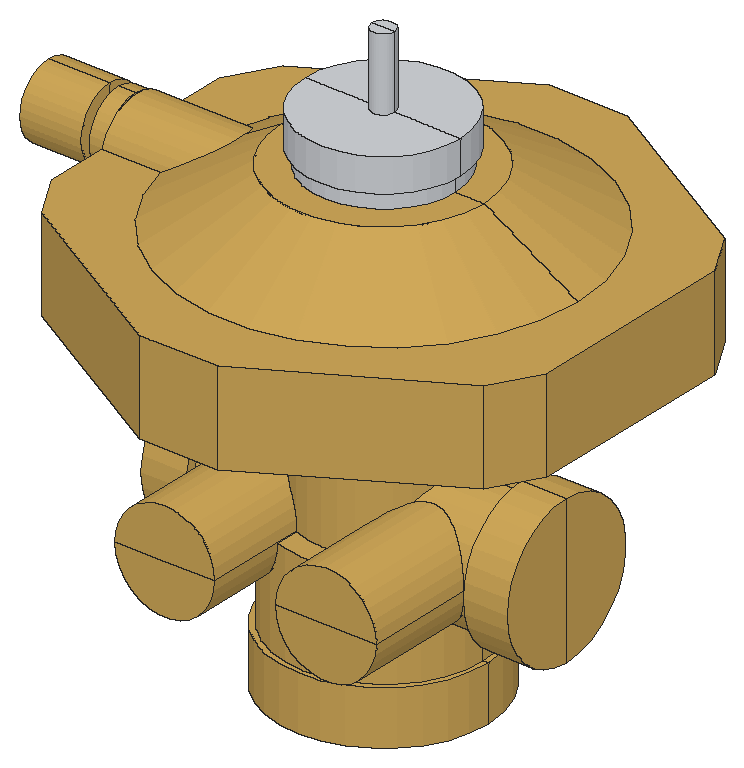
Revit family "Differenzdruckregler 4002 FIX TS 50kPa", category Rohrzubehör, Revit 2019
Family settings
  Bemaßung runder Anschluss = Durchmesser verwenden
  Teiletyp = Unterbricht
  OmniClass-Nummer = 23.65.55.14
  OmniClass-Titel = Valves for Liquid Services
  Arbeitsebenenbasiert = Nein
  Immer vertikal = Ja
  Beim Laden mit Abzugskörper schneiden = Nein
  Gemeinsam genutzt = Nein
Parameters (values of type "Ohne Dämmung")
  y2 [instance] = K14 + K9 + H01  # 45.649 mm
  y1 [instance] = (R03 * 2) + R05  # 66.000 mm
  k25 = 9.000 mm  # constant formula
  k24 = 13.000 mm  # constant formula
  k23 = 6.000 mm  # constant formula
  k22 = 22.000 mm  # constant formula
  k21 = 13.000 mm  # constant formula
  k20 = 14.000 mm  # constant formula
  k19 = 2.000 mm  # constant formula
  PN = 16  # constant formula
  Min. Betriebstemperatur (Frostschutz) = -20 °C  # constant formula
  Max. zulässige Betriebstemperatur bis DN32 = 130 °C  # constant formula
  Max. zulässige Betriebstemperatur DN40 - DN50 = 110 °C  # constant formula
  Max. Differenzdruck am Gehäuse = 400000.0 Pa  # constant formula
  Max. Betriebsdruck = 1600000.0 Pa  # constant formula
  Ventilschaft = "Edelstahl 14301"  # constant formula
  VRL01 [instance] = 30.000 mm  # constant formula
  V12 = 17.000 mm  # constant formula
  V10 = 16.000 mm  # constant formula
  V09 [instance] = 11.000 mm  # constant formula
  V08 [instance] = G01 + 3.000 mm  # 16.220 mm
  V03 [instance] = G01 + 5.000 mm  # 18.220 mm
  V02 [instance] = V01 + 4.500 mm  # 12.000 mm
  V01 [instance] = Nennweite / 2  # 7.500 mm
  URL = "www.herz-armaturen.at"
  SCRNSEQ = "ARM;ARM_TYP=\"DIFR\";2"
  SCRNCODE = "05;03;4"  # constant formula
  S07 = 10.000 mm  # constant formula
  S05 [instance] = S01 - 1.000 mm  # 13.850 mm
  S04 [instance] = S02 - 1.000 mm  # 18.000 mm
  S03 [instance] = size_lookup("4002_FIX_TS_50", "S03", 26.500 mm, Nennweite)  # 25.600 mm
  S02 [instance] = size_lookup("4002_FIX_TS_50", "S02", 19.000 mm, Nennweite)  # 19.000 mm
  S01 [instance] = size_lookup("4002_FIX_TS_50", "S01", 14.850 mm, Nennweite)  # 14.850 mm
  Regleranschlussmutter = "Messing CW614N"  # constant formula
  Regelbereich = "FIX 50kPa"  # constant formula
  R06 [instance] = size_lookup("4002_FIX_TS_50", "R06", 14.500 mm, Nennweite)  # 14.500 mm
  R05 [instance] = size_lookup("4002_FIX_TS_50", "R05", 41.000 mm, Nennweite)  # 50.000 mm
  R04 [instance] = size_lookup("4002_FIX_TS_50", "R04", 12.500 mm, Nennweite)  # 12.500 mm
  R03 [instance] = size_lookup("4002_FIX_TS_50", "R03", 8.000 mm, Nennweite)  # 8.000 mm
  R02 = 14.500 mm  # constant formula
  R01 [instance] = size_lookup("4002_FIX_TS_50", "R01", 11.500 mm, Nennweite)  # 11.500 mm
  Min. Betriebstemperatur (reines Wasser) = 2 °C  # constant formula
  O-Ringe = "EPDM"  # constant formula
  Nennweite [instance] = 15.000 mm
  Membrangehäuse = "Messing CW602N"  # constant formula
  Membrane = "EPDM"  # constant formula
  Medium = "Wasserbeschaffenheit nach ÖNORM H 5195 und VDI 2035\r\nDie Verwendung von Ethylen- und Propylenglykol ist im\r\nMischungsverhältnis 25 - 50 Vol.-% zulässig."
  L07 [instance] = size_lookup("4002_FIX_TS_50", "L07", 33.000 mm, Nennweite)  # 33.000 mm
  L06 = 7.000 mm  # constant formula
  L [instance] = size_lookup("4002_FIX_TS_50", "L", 66.000 mm, Nennweite)  # 66.000 mm
  K9 = 4.000 mm  # constant formula
  K8 = 55.000 mm  # constant formula
  K7 = 8.700 mm  # constant formula
  K6 = 11.700 mm  # constant formula
  K5 = 13.000 mm  # constant formula
  K4 = 12.000 mm  # constant formula
  K3 = 15.000 mm  # constant formula
  K2 = 2.350 mm  # constant formula
  K18 = 89.000 mm  # constant formula
  K17 = 66.700 mm  # constant formula
  K16 = 3.000 mm  # constant formula
  K15 = 26.649 mm  # constant formula
  K14 = 16.649 mm  # constant formula
  K13 = 16.649 mm  # constant formula
  K12 = 10.000 mm  # constant formula
  K11 = 35.000 mm  # constant formula
  K10 = 18.250 mm  # constant formula
  K1.1 = 2.350 mm  # constant formula
  K1 = 7.651 mm - 1.000 mm  # 6.651 mm
  J9 = 15.700 mm  # constant formula
  J8 = 7.850 mm  # constant formula
  J7 = 15.897 mm  # constant formula
  J6 = 3.900 mm  # constant formula
  J5 = 6.500 mm  # constant formula
  J4 = 1.500 mm  # constant formula
  J3 = 3.200 mm  # constant formula
  J2 = 11.000 mm  # constant formula
  J11 = 3.500 mm  # constant formula
  J10 = 18.897 mm  # constant formula
  J1 = 6.500 mm  # constant formula
  Hersteller = "HERZ-Armaturen Ges.m.b.H"  # constant formula
  H2 [instance] = size_lookup("4002_FIX_TS_50", "H2", 28.000 mm, Nennweite)  # 28.000 mm
  H1 [instance] = K1 + K2 + K3 + K4 + K5 + K7 + K8 + K16 + 16.650 mm  # 132.351 mm
  H04 = 4.000 mm  # constant formula
  H03 = 9.800 mm  # constant formula
  H02 [instance] = size_lookup("4002_FIX_TS_50", "H02", 53.000 mm, Nennweite)  # 53.000 mm
  H01 [instance] = size_lookup("4002_FIX_TS_50", "H01", 25.000 mm, Nennweite)  # 25.000 mm
  Gehäuse = "DZR Messing CC770S"  # constant formula
  G01 [instance] = size_lookup("4002_FIX_TS_50", "G01", 13.220 mm, Nennweite)  # 13.220 mm
  Hinweise zum Material = "Gemäß Art 33 der REACH-Verordnung (EG Nr. 1907/2006) sind wir verpflichtet, darauf hinzuweisen,\r\ndass der Stoff Blei auf der SVHC-Liste geführt wird und dass alle aus Messing bestehenden Bauteile,\r\ndie in unseren Erzeugnissen verarbeitet sind, mehr als 0,1 % (w/w) Blei (CAS: 7439-92-1 / EINECS:\r\n231-100-4) enthalten. Da Blei als Legierungsbestandteil fest gebunden ist, sind keine Expositionen zu\r\nerwarten und daher sind keine zusätzlichen Angaben zur sicheren Verwendung notwendig.\r\n\r\nIm Hanf enthaltenes Ammoniak schädigt\r\nMessingventilgehäuse, EPDM Dichtungen werden durch\r\nMineralöle bzw. mineralölhaltige Schmierstoffe aufgequollen\r\nund führen somit zum Ausfall der EPDM-Dichtungen. Für\r\nFrost- und Korrosionsschutzmittel auf der Basis von Ethylen- und Propylenglykol sind die entsprechenden\r\nAngaben den Unterlagen des Herstellers zu entnehmen."
  Dämmung = no
  Dämmschale = "EPP (expandiertes Polypropylen)"  # constant formula
  Druckfeder = "Federstahl, rost-und säurebeständig"  # constant formula
  DN50 [instance] = Nennweite = 50.000 mm  # no
  DN40 [instance] = Nennweite = 40.000 mm  # no
  DN32-40 [instance] = or(Nennweite = 32.000 mm, Nennweite = 40.000 mm)  # no
  DN32 [instance] = Nennweite = 32.000 mm  # no
  DN25 [instance] = Nennweite = 25.000 mm  # no
  DN20 [instance] = Nennweite = 20.000 mm  # no
  DN15-25 [instance] = or(Nennweite = 15.000 mm, Nennweite = 20.000 mm, Nennweite = 25.000 mm)  # yes
  DN15,20,25,32,50 [instance] = or(Nennweite = 15.000 mm, Nennweite = 20.000 mm, Nennweite = 25.000 mm, Nennweite = 32.000 mm, Nennweite = 50.000 mm)  # yes
  DN15 [instance] = Nennweite = 15.000 mm  # yes
  D07 [instance] = if(Nennweite = 15.000 mm, 32.000 mm, if(Nennweite = 20.000 mm, 33.000 mm, if(Nennweite = 25.000 mm, 33.000 mm, if(Nennweite = 32.000 mm, 49.000 mm, if(Nennweite = 40.000 mm, 57.560 mm, if(Nennweite = 50.000 mm, 57.560 mm, 0.000 mm))))))  # 32.000 mm
  D06 [instance] = if(Nennweite = 15.000 mm, 32.000 mm, if(Nennweite = 20.000 mm, 33.000 mm, if(Nennweite = 25.000 mm, 33.000 mm, if(Nennweite = 32.000 mm, 49.000 mm, if(Nennweite = 40.000 mm, 57.560 mm, if(Nennweite = 50.000 mm, 57.560 mm, 0.000 mm))))))  # 32.000 mm
  D05 [instance] = if(Nennweite = 15.000 mm, 36.750 mm, if(Nennweite = 20.000 mm, 40.700 mm, if(Nennweite = 25.000 mm, 49.200 mm, if(Nennweite = 32.000 mm, 54.150 mm, if(Nennweite = 40.000 mm, 60.750 mm, if(Nennweite = 50.000 mm, 72.700 mm, 0.000 mm))))))  # 36.750 mm
  D04 [instance] = if(Nennweite = 15.000 mm, 78.500 mm, if(Nennweite = 20.000 mm, 82.000 mm, if(Nennweite = 25.000 mm, 84.000 mm, if(Nennweite = 32.000 mm, 120.000 mm, if(Nennweite = 40.000 mm, 130.000 mm, if(Nennweite = 50.000 mm, 130.500 mm, 0.000 mm))))))  # 78.500 mm
  D03 [instance] = if(Nennweite = 15.000 mm, 96.000 mm, if(Nennweite = 20.000 mm, 110.000 mm, if(Nennweite = 25.000 mm, 112.000 mm, if(Nennweite = 32.000 mm, 152.000 mm, if(Nennweite = 40.000 mm, 170.000 mm, if(Nennweite = 50.000 mm, 179.000 mm, 0.000 mm))))))  # 96.000 mm
  D02 [instance] = size_lookup("4002_FIX_TS_50", "R05", 41.000 mm, Nennweite)  # 50.000 mm
  D01 [instance] = size_lookup("4002_FIX_TS_50", "G01", 13.220 mm, Nennweite)  # 13.220 mm
  Bestellnummer Dämmung [instance] = if(and(Dämmung, Nennweite = 15.000 mm), 1400291, if(and(Dämmung, Nennweite = 20.000 mm), 1400291, if(and(Dämmung, Nennweite = 25.000 mm), 1400291, if(and(Dämmung, Nennweite = 32.000 mm), 1400291, if(and(Dämmung, Nennweite = 40.000 mm), 1400291, if(and(Dämmung, Nennweite = 50.000 mm), 1400291, 0))))))  # 0
  Bestellnummer [instance] = size_lookup("4002_FIX_TS_50", "Artnr", 0, Nennweite)  # 1400291
  B2 [instance] = size_lookup("4002_FIX_TS_50", "B2", 31.000 mm, Nennweite)  # 31.000 mm
  B1 [instance] = size_lookup("4002_FIX_TS_50", "B1", 26.000 mm, Nennweite)  # 26.000 mm
  B04 = 100.649 mm  # constant formula
  B03 = 44.500 mm  # constant formula
  B02 = 104.688 mm  # constant formula
  B01 = 10.000 mm  # constant formula
  Anwendungsgebiet = "Der Differenzdruckregler ist ein Regler mit linearer Kennlinie in Geradsitzausführung und arbeitet ohne Hilfsenergie. Der Differenzdruck-Sollwert beträgt 23 kPa, 50 kPa bzw 13 kPa. Im Lieferumfang enthalten ist die Impulsleitung (1000 mm), diese ist mit einem Strangregulierventil im Vorlauf zu verbinden."
  Anschlussnippel = "Messing CW602N"  # constant formula
  Anschlussgewinde für Antrieb = "Messing CW602N"  # constant formula
Types (2, lengths in mm): name | y2 | y1 | V08 | V03 | V02 | V01 | S03 | R05 | R04 | R03 | R01 | Nennweite | L07 | L | H2 | H02 | H01 | G01 | Dämmung | DN25 | DN15 | D07 | D06 | D05 | D04 | D03 | D02 | D01 | Bestellnummer Dämmung | Bestellnummer | B2 | B1
  Ohne Dämmung | 45.649 | 66.000 | 16.220 | 18.220 | 12.000 | 7.500 | 25.600 | 50.000 | 12.500 | 8.000 | 11.500 | 15.000 | 33.000 | 66.000 | 28.000 | 53.000 | 25.000 | 13.220 | no | no | yes | 32.000 | 32.000 | 36.750 | 78.500 | 96.000 | 50.000 | 13.220 | 0 | 1400291 | 31.000 | 26.000
  Mit Dämmung | 46.649 | 76.000 | 23.600 | 25.600 | 17.000 | 12.500 | 29.000 | 58.200 | 14.500 | 8.900 | 14.800 | 25.000 | 38.000 | 76.000 | 29.000 | 54.500 | 26.000 | 20.600 | yes | yes | no | 33.000 | 33.000 | 49.200 | 84.000 | 112.000 | 58.200 | 20.600 | 1400291 | 1400293 | 33.000 | 28.000
Reference planes
  plane 1 "Mitte (Vorne/hinten)": y = 0
  plane 2: z = 0
  plane 3 "Mitte (Links/rechts)": x = 0
Forms (mm)
  Revolve 1, solid, material "Messing, weicher Gelbton, geschweißt", detail levels fine
    sketch origin (0, 0, 0) x (1, 0, 0) y (0, 0, 1)
      loop
        line (-33, 0) -> (33, 0) -> (33, 13.22) -> (25, 13.22) -> (25, 11.5) -> (-25, 11.5) -> (-25, 13.22) -> (-33, 13.22) -> (-33, 0)
      axis (-33, 0) -> (33, 0)
    angle from 0 to 360
  Revolve 2, solid, material "Messing, weicher Gelbton, geschweißt", detail levels fine
    sketch origin (0, 0, 0) x (1, 0, 0) y (0, 0, 1)
      loop
        line (0, -28) -> (0, 0) -> (-18, 0) -> (-18, -18.2) -> (-19, -18.2) -> (-19, -28) -> (0, -28)
      axis (0, 0) -> (0, -28)
    angle from 0 to 360
  Extrusion 3, solid, material "Messing, weicher Gelbton, geschweißt", detail levels fine
    sketch origin (0, 0, 0) x (0, -1, 0) y (1, 0, 0)
      loop
        line (-46, -7.038) -> (-27.114, -39.75) -> (-18.886, -44.5) -> (18.886, -44.5) -> (27.114, -39.75) -> (46, -7.038) -> (46, 7.038) -> (27.114, 39.75) -> (18.886, 44.5) -> (-18.886, 44.5) -> (-27.114, 39.75) -> (-46, 7.038) -> (-46, -7.038)
    from 29 to 45.649
  Revolve 4, solid, material "Messing, weicher Gelbton, geschweißt", detail levels fine
    sketch origin (0, 0, -7.051) x (1, 0, 0) y (0, 0, 1)
      loop
        line (0, 52.7) -> (0, 62.7) -> (-18.25, 62.7) -> (-35, 52.7) -> (0, 52.7)
      axis (0, 62.7) -> (0, 52.7)
    angle from 0 to 360
  Revolve 5, solid, material "Messing, weicher Gelbton, geschweißt", visible <- "DN15-25", detail levels fine
    sketch origin (-11, 0, 0) x (1, 0, 0) y (0, 1, 0)
      loop
        line (-1.5, 26) -> (-9.2, 26) -> (-9.2, 0) -> (-1.5, 0) -> (-1.5, 26)
      axis (-1.5, 0) -> (-1.5, 26)
    angle from 0 to 360
  Revolve 6, solid, material "Messing, weicher Gelbton, geschweißt", detail levels fine
    sketch origin (-0.988, 0, -6.853) x (-1, 0, 0) y (0, 0, 1)
      loop
        line (43.5, 51.75) -> (59.2, 51.75) -> (59.2, 58.25) -> (48.2, 58.25) -> (48.2, 55.65) -> (46.7, 55.65) -> (46.7, 58.25) -> (43.5, 58.25) -> (43.5, 51.75)
      axis (43.5, 51.75) -> (59.2, 51.75)
    angle from 0 to 360
  Extrusion 7, solid, material "Messing, weicher Gelbton, geschweißt", detail levels fine
    sketch origin (0, 0, 0) x (0, 1, 0) y (0, 0, -1)
      loop
        line (7.85, -43.547) -> (7.85, -32.5) -> (-7.85, -32.5) -> (-7.85, -43.547)
        arc (-7.85, -43.547) -> (0, -51.397) -> (7.85, -43.547) r 7.85
    from 0 to 44.5
  Revolve 8, solid, material "Messing, weicher Gelbton, geschweißt", visible <- "DN15-25", detail levels fine
    sketch origin (-2, 0, 0) x (1, 0, 0) y (0, 1, 0)
      loop
        line (-12.5, 0) -> (-21.5, 0) -> (-21.5, -31) -> (-12.5, -31) -> (-12.5, 0)
      axis (-12.5, 0) -> (-12.5, -31)
    angle from 0 to 360
  Revolve 9, solid, material "Messing, weicher Gelbton, geschweißt", visible <- "DN15-25", detail levels fine
    sketch origin (2, 0, 0) x (1, 0, 0) y (0, 1, 0)
      loop
        line (12.5, 0) -> (12.5, -31) -> (21.6, -31) -> (21.6, 0) -> (12.5, 0)
      axis (12.5, 0) -> (12.5, -31)
    angle from 0 to 360
  Extrusion 10, solid, material "Messing, weicher Gelbton, geschweißt", visible <- "DN32", detail levels fine
    sketch origin (-31.5, 0, 0) x (1, 0, 0) y (0, 1, 0)
      loop
        circle (63, 0) r 6.578
      loop
        circle (63, 0) r 3.28
    from -47 to 0
  Extrusion 11, solid, material "Messing, weicher Gelbton, geschweißt", visible <- "DN32", detail levels fine
    sketch origin (31.5, 0, 0) x (-1, 0, 0) y (0, -1, 0)
      loop
        circle (63, 0) r 6.578
      loop
        circle (63, 0) r 3.28
    from -47 to 0
  Revolve 12, solid, material "Messing, weicher Gelbton, geschweißt", detail levels fine
    sketch origin (0, 0, 0) x (1, 0, 0) y (0, 0, 1)
      loop
        line (-13.85, 0) -> (0, 0) -> (0, 29) -> (-9.85, 29) -> (-9.85, 25) -> (-14.85, 25) -> (-14.85, 15.2) -> (-13.85, 15.2) -> (-13.85, 0)
      axis (0, 29) -> (0, 0)
    angle from 0 to 360
  Extrusion 13, solid, material "Messing, weicher Gelbton, geschweißt", visible <- "DN40", detail levels fine
    sketch origin (29.382, 0, 0) x (-1, 0, 0) y (0, -1, 0)
      loop
        circle (63, 0) r 6.578
      loop
        circle (63, 0) r 3.28
    from -58 to 0
  Extrusion 14, solid, material "Messing, weicher Gelbton, geschweißt", visible <- "DN40", detail levels fine
    sketch origin (-29.455, 0, 0) x (1, 0, 0) y (0, 1, 0)
      loop
        circle (63, 0) r 6.578
      loop
        circle (63, 0) r 3.28
    from -58 to 0
  Extrusion 15, solid, material "Messing, weicher Gelbton, geschweißt", visible <- "DN50", detail levels fine
    sketch origin (28.422, 0, 0) x (-1, 0, 0) y (0, -1, 0)
      loop
        circle (63, 0) r 6.578
      loop
        circle (63, 0) r 3.28
    from -58 to 0
  Extrusion 16, solid, material "Messing, weicher Gelbton, geschweißt", visible <- "DN50", detail levels fine
    sketch origin (-28.422, 0, 0) x (1, 0, 0) y (0, 1, 0)
      loop
        circle (63, 0) r 6.578
      loop
        circle (63, 0) r 3.28
    from -58 to 0
  Revolve 17, solid, material "Messing, weicher Gelbton, geschweißt", visible <- "DN32-40", detail levels fine
    sketch origin (-11, 0, 0) x (1, 0, 0) y (0, 1, 0)
      loop
        line (-1.5, -26) -> (-1.5, 0) -> (-9.2, 0) -> (-9.2, -26) -> (-1.5, -26)
      axis (-1.5, 0) -> (-1.5, -26)
    angle from 0 to 360
  Revolve 18, solid, material "Messing, weicher Gelbton, geschweißt", not visible, detail levels fine
    sketch origin (10.652, 0, 0) x (-1, 0, 0) y (0, 0, 1)
      loop
        line (43.652, 0) -> (73.652, 0) -> (73.652, 7.5) -> (56.652, 7.5) -> (56.652, 12) -> (47.652, 12) -> (47.652, 18.22) -> (40.652, 18.22) -> (40.652, 16.22) -> (35.652, 16.22) -> (35.652, 13.22) -> (43.652, 13.22) -> (43.652, 0)
      axis (35.652, 0) -> (73.652, 0)
    angle from 0 to 360
  Revolve 19, solid, material "Messing, weicher Gelbton, geschweißt", not visible, detail levels fine
    sketch origin (-9.448, 0, 0) x (1, 0, 0) y (0, 0, 1)
      loop
        line (42.448, 0) -> (72.448, 0) -> (72.448, 7.5) -> (55.448, 7.5) -> (55.448, 12) -> (46.448, 12) -> (46.448, 18.22) -> (39.448, 18.22) -> (39.448, 16.22) -> (34.448, 16.22) -> (34.448, 13.22) -> (42.448, 13.22) -> (42.448, 0)
      axis (34.448, 0) -> (72.448, 0)
    angle from 0 to 360
  Revolve 20, solid, detail levels fine
    sketch origin (0, 0, 0) x (1, 0, 0) y (0, 0, 1)
      loop
        line (0, 55.649) -> (0, 77.649) -> (-2, 77.649) -> (-2, 64.649) -> (-14, 64.649) -> (-14, 58.649) -> (-13, 58.649) -> (-13, 55.649) -> (0, 55.649)
      axis (0, 77.649) -> (0, 55.649)
    angle from 0 to 360
  Revolve 21, solid, material "Kunsstoff-Anthrazit/Schwarz", visible <- "Dämmung"
    sketch origin (0, 0, 0) x (1, 0, 0) y (0, 0, 1)
      loop
        line (0, -46.5) -> (36.75, -46.5) -> (36.75, 32) -> (0, 32) -> (0, -46.5)
      axis (0, 32) -> (0, -46.5)
    angle from 0 to 360
  Revolve 22, solid, material "Kunsstoff-Anthrazit/Schwarz", visible <- "Dämmung"
    sketch origin (0, 0, 0) x (1, 0, 0) y (0, 0, 1)
      loop
        line (0, 32) -> (-48, 32) -> (-48, 13.22) -> (-25, 13.22) -> (-25, 0) -> (25, 0) -> (25, 10) -> (48, 10) -> (48, 32) -> (0, 32)
      axis (-48, 0) -> (48, 0)
    angle from 0 to 360
  Extrusion 23, void
    sketch origin (-196.626, 0, 0) x (1, 0, 0) y (0, 0, 1)
      loop
        line (106.193, 29) -> (304.626, 29) -> (304.626, 45.649) -> (106.193, 45.649) -> (106.193, 29)
    from -96.074 to 95.029
  Extrusion 24, void
    sketch origin (-330.981, 0, 0) x (1, 0, 0) y (0, 0, 1)
      loop
        line (226.44, 29) -> (455.981, 29) -> (455.981, 45.649) -> (226.44, 45.649) -> (226.44, 29)
    from -101.402 to 98.396
Cuts and joins
  Extrusion 23 cuts Revolve 21
  Extrusion 24 cuts Revolve 22
Lines and regions (mm)
  model lines, detail levels coarse+medium
    curve 1: line (33, -13.22, 0) -> (33, 13.22, 0)
    curve 2: line (33, 13.22, 0) -> (-33, -13.22, 0)
    curve 3: line (-33, -13.22, 0) -> (-33, 13.22, 0)
    curve 4: line (-33, 13.22, 0) -> (33, -13.22, 0)
    curve 5: line (0, -15, 0) -> (0, -29, 0)
    curve 6: spline (-44.5, -37.324, 0) -> (-42.984, -35.17, 0) -> (-38.538, -33.162, 0) -> (-31.466, -31.438, 0) -> (-22.25, -30.115, 0) -> (-11.517, -29.284, 0) -> (0, -29, 0) -> (11.517, -29.284, 0) -> (22.25, -30.115, 0) -> (31.466, -31.438, 0) -> (38.538, -33.162, 0) -> (42.984, -35.17, 0) -> (44.5, -37.325, 0) -> (42.984, -39.479, 0) -> (38.538, -41.487, 0) -> (31.466, -43.211, 0) -> (22.25, -44.534, 0) -> (11.517, -45.365, 0) -> (0, -45.649, 0) -> (-11.517, -45.365, 0) -> (-22.25, -44.534, 0) -> (-31.466, -43.211, 0) -> (-38.538, -41.487, 0) -> (-42.984, -39.479, 0) -> (-44.5, -37.324, 0)
    curve 7: line (-33, 0, 13.22) -> (-33, 0, -13.22)
    curve 8: line (-33, 0, -13.22) -> (33, 0, 13.22)
    curve 9: line (33, 0, 13.22) -> (33, 0, -13.22)
    curve 10: line (33, 0, -13.22) -> (-33, 0, 13.22)
    curve 11: line (0, 0, 13.22) -> (0, 0, 29)
    curve 12: spline (-44.5, 0, 37.325) -> (-42.984, 0, 39.479) -> (-38.538, 0, 41.487) -> (-31.466, 0, 43.211) -> (-22.25, 0, 44.534) -> (-11.517, 0, 45.365) -> (0, 0, 45.649) -> (11.517, 0, 45.365) -> (22.25, 0, 44.534) -> (31.466, 0, 43.211) -> (38.538, 0, 41.487) -> (42.984, 0, 39.479) -> (44.5, 0, 37.324) -> (42.984, 0, 35.17) -> (38.538, 0, 33.162) -> (31.466, 0, 31.438) -> (22.25, 0, 30.115) -> (11.517, 0, 29.284) -> (0, 0, 29) -> (-11.517, 0, 29.284) -> (-22.25, 0, 30.115) -> (-31.466, 0, 31.438) -> (-38.538, 0, 33.162) -> (-42.984, 0, 35.17) -> (-44.5, 0, 37.325)
    curve 13: line (0, 0, 13.22) -> (16.5, 0, 6.61)
    curve 14: line (0, 0, 13.22) -> (-16.5, 0, 6.61)
    curve 15: line (33, 0, 0) -> (63, 0, 0)
    curve 16: line (-33, 0, 0) -> (-63, 0, 0)
    curve 17: line (0, -15, 0) -> (-22.716, -9.1, 0)
    curve 18: line (0, -15, 0) -> (22.716, -9.1, 0)
    curve 19: line (33, 0, 13.22) -> (33, 0, -13.22)
    curve 20: line (33, 0, 13.22) -> (43, 0, 13.22)
    curve 21: line (43, 0, 13.22) -> (33, 0, 0)
    curve 22: line (43, 0, -13.22) -> (33, 0, 0)
    curve 23: line (33, 0, -13.22) -> (43, 0, -13.22)
    curve 24: line (-33, 0, 13.22) -> (-33, 0, -13.22)
    curve 25: line (-33, 0, 13.22) -> (-43, 0, 13.22)
    curve 26: line (-43, 0, 13.22) -> (-33, 0, 0)
    curve 27: line (-43, 0, -13.22) -> (-33, 0, 0)
    curve 28: line (-33, 0, -13.22) -> (-43, 0, -13.22)
    curve 29: line (-33, 13.22, 0) -> (-43, 13.22, 0)
    curve 30: line (-43, 13.22, 0) -> (-33, 0, 0)
    curve 31: line (-33, -13.22, 0) -> (-43, -13.22, 0)
    curve 32: line (-43, -13.22, 0) -> (-33, 0, 0)
    curve 33: line (33, -13.22, 0) -> (33, 13.22, 0)
    curve 34: line (33, 13.22, 0) -> (43, 13.22, 0)
    curve 35: line (43, 13.22, 0) -> (33, 0, 0)
    curve 36: line (33, -13.22, 0) -> (43, -13.22, 0)
    curve 37: line (43, -13.22, 0) -> (33, 0, 0)
Dimensions and locks
  "G01": Revolve 1 sketch curve to Revolve 1 sketch curve  (x2)
  "R01": Revolve 1 sketch curve to Revolve 1 sketch curve
  "R03": Revolve 1 sketch curve to Revolve 1 sketch curve  (x2)
  "K10": Revolve 4 sketch curve to Revolve 4 sketch curve
  "K11": Revolve 4 sketch curve to Revolve 4 sketch curve
  "B1": Revolve 5 sketch curve to Revolve 5 sketch curve
  "J1": Revolve 6 sketch curve to Revolve 6 sketch curve
  "J3": Revolve 6 sketch curve to Revolve 6 sketch curve
  "J4": Revolve 6 sketch curve to Revolve 6 sketch curve
  "J2": Revolve 6 sketch curve to Revolve 6 sketch curve
  "J5": Revolve 6 sketch curve to Revolve 6 sketch curve
  "J6": Revolve 6 sketch curve to Revolve 6 sketch curve
  "H2": plane 2 to Revolve 2 sketch curve
  "H03": Revolve 2 sketch curve to Revolve 2 sketch curve
  "S02": plane 3 "Mitte (Links/rechts)" to Revolve 2 sketch curve
  "B02": Revolve 6 to Extrusion 3
  "B03": Extrusion 3 to plane 3 "Mitte (Links/rechts)"
  "R04": Revolve 5 sketch curve to plane 3 "Mitte (Links/rechts)"
  "K12": Revolve 4 sketch curve to Revolve 4 sketch curve
  "K13": Revolve 4 sketch curve to Extrusion 3
  "K14": Extrusion 3 to Extrusion 3
  "R05": Revolve 1 sketch curve to Revolve 1 sketch curve
  plane 3 "Mitte (Links/rechts)" to Revolve 1 sketch curve = 33.000 mm
  Revolve 1 sketch curve to plane 3 "Mitte (Links/rechts)" = 33.000 mm
  equal spacing: Revolve 1 sketch curve, plane 3 "Mitte (Links/rechts)", Revolve 1 sketch curve
  "B2": plane 1 "Mitte (Vorne/hinten)" to Revolve 8 sketch curve
  "B2": Revolve 9 sketch curve to plane 1 "Mitte (Vorne/hinten)"
  "R06": Revolve 8 sketch curve to plane 3 "Mitte (Links/rechts)"
  "R06": plane 3 "Mitte (Links/rechts)" to Revolve 9 sketch curve
  "S01": Revolve 12 sketch curve to plane 3 "Mitte (Links/rechts)"
  "S05": plane 3 "Mitte (Links/rechts)" to Revolve 12 sketch curve
  "H04": Revolve 12 sketch curve to Revolve 12 sketch curve
  "H03": Revolve 12 sketch curve to Revolve 12 sketch curve
  "H01": Revolve 12 sketch curve to plane 2
  "K9": Extrusion 3 to Revolve 12
  Revolve 2 sketch curve to Revolve 2 sketch curve = 1.000 mm
  "J7": Revolve 6 sketch curve to Extrusion 3
  "J9": Extrusion 7 sketch curve to Extrusion 7 sketch curve
  "J10": Revolve 6 to Extrusion 7 sketch curve
  "J11": Extrusion 7 sketch curve to Extrusion 3
  equal spacing: curve 7, curve 6, curve 9
  "K18": Extrusion 3 to Extrusion 3
  equal spacing: curve 7, curve 14, curve 14
  equal spacing: curve 14, curve 13, curve 9
  "G01": curve 10 to plane 2
  "G01": plane 2 to curve 8
  "G01": curve 9 to plane 2
  "G01": plane 2 to curve 10
  "K18": curve 12 to curve 12
  "y1": curve 7 to curve 9
  "G01": curve 14 to plane 2
  "K14": curve 12 to curve 12
  "y2": curve 12 to plane 2
  "G01": plane 1 "Mitte (Vorne/hinten)" to curve 4
  "G01": curve 3 to plane 1 "Mitte (Vorne/hinten)"
  equal spacing: curve 3, curve 12, curve 1
  equal spacing: curve 3, curve 18, curve 1
  "y1": curve 3 to curve 1
  "G01": plane 1 "Mitte (Vorne/hinten)" to curve 2
  "G01": curve 4 to plane 1 "Mitte (Vorne/hinten)"
  "K18": curve 6 to curve 6
  "K14": curve 6 to curve 6
  "y2": curve 6 to plane 1 "Mitte (Vorne/hinten)"
  "B1": Revolve 17 sketch curve to Revolve 17 sketch curve
  "R04": Revolve 17 sketch curve to plane 3 "Mitte (Links/rechts)"
  "R03": Revolve 18 sketch curve to Revolve 18 sketch curve
  "V10": Revolve 18 sketch curve to Revolve 18 sketch curve
  "V12": Revolve 18 sketch curve to Revolve 18 sketch curve
  "VRL01": Revolve 18 sketch curve to Revolve 18 sketch curve
  "V02": Revolve 18 sketch curve to plane 2
  "V01": Revolve 18 sketch curve to plane 2
  "G01": Revolve 18 sketch curve to plane 2
  "V08": Revolve 18 sketch curve to plane 2
  "V03": Revolve 18 sketch curve to plane 2
  "R03": Revolve 19 sketch curve to Revolve 19 sketch curve
  "V10": Revolve 19 sketch curve to Revolve 19 sketch curve
  "V12": Revolve 19 sketch curve to Revolve 19 sketch curve
  "VRL01": Revolve 19 sketch curve to Revolve 19 sketch curve
  "V01": Revolve 19 sketch curve to plane 2
  "V02": Revolve 19 sketch curve to plane 2
  "G01": Revolve 19 sketch curve to plane 2
  "V08": Revolve 19 sketch curve to plane 2
  "V03": Revolve 19 sketch curve to plane 2
  "L07": Revolve 18 to plane 3 "Mitte (Links/rechts)"
  "L07": plane 3 "Mitte (Links/rechts)" to Revolve 19
  "S07": curve 28 to Revolve 18
  "S07": curve 26 to Revolve 18
  "S07": Revolve 19 to curve 21
  "S07": Revolve 19 to curve 23
  "G01": plane 2 to curve 28
  "G01": curve 25 to plane 2
  "G01": curve 20 to plane 2
  "G01": plane 2 to curve 23
  "S07": curve 30 to curve 3
  "S07": curve 32 to curve 3
  "S07": curve 33 to curve 35
  "S07": curve 33 to curve 37
  "k20": Revolve 20 sketch curve to Revolve 20 sketch curve
  "k24": Revolve 20 sketch curve to Revolve 20 sketch curve
  "k23": Revolve 20 sketch curve to Revolve 20 sketch curve
  "k21": Revolve 20 sketch curve to Revolve 20 sketch curve
  "k22": Revolve 20 sketch curve to Revolve 20 sketch curve
  "k19": Revolve 20 sketch curve to Revolve 20 sketch curve
  "k25": Revolve 20 to Revolve 4
  "D06": Revolve 21 sketch curve to plane 2
  "D05": Revolve 21 sketch curve to Revolve 21 sketch curve
  "D04": Revolve 21 sketch curve to Revolve 21 sketch curve
  "D07": Revolve 22 sketch curve to plane 2
  "D01": Revolve 22 sketch curve to plane 2
  "D03": Revolve 22 sketch curve to Revolve 22 sketch curve
  "D02": Revolve 22 sketch curve to Revolve 22 sketch curve
  equal spacing: Revolve 22 sketch curve, plane 3 "Mitte (Links/rechts)", Revolve 22 sketch curve  (x2)
  "K14": Extrusion 23 to Extrusion 23
  "K14": Extrusion 23 to Extrusion 3
  "K14": Extrusion 24 to Extrusion 24
  "K14": Extrusion 24 to Extrusion 3
  "J8": radius of Extrusion 7 sketch curve
  aligned and locked: level to plane 2
Automatic sketch dimensions
  plane 3 "Mitte (Links/rechts)" to Extrusion 3 sketch curve = 7.038 mm  (x2)
  Extrusion 3 sketch curve to plane 1 "Mitte (Vorne/hinten)" = 46.000 mm
  Extrusion 3 sketch curve to plane 1 "Mitte (Vorne/hinten)" = 27.114 mm  (x2)
  Extrusion 3 sketch curve to Extrusion 3 sketch curve = 8.227 mm  (x4)
  plane 1 "Mitte (Vorne/hinten)" to Extrusion 3 sketch curve = 18.886 mm  (x2)
  Extrusion 3 sketch curve to Extrusion 3 sketch curve = 18.886 mm
  Extrusion 3 sketch curve to plane 3 "Mitte (Links/rechts)" = 7.038 mm  (x2)
  Extrusion 3 sketch curve to Extrusion 3 sketch curve = 32.712 mm  (x4)
  Extrusion 3 sketch curve to Extrusion 3 sketch curve = 4.750 mm  (x2)
  Extrusion 10 sketch curve to Extrusion 10 sketch curve = 0.000 mm  (x2)
  plane 1 "Mitte (Vorne/hinten)" to Extrusion 10 sketch curve = 0.000 mm
  plane 3 "Mitte (Links/rechts)" to Extrusion 10 sketch curve = 31.500 mm
  Extrusion 11 sketch curve to Extrusion 11 sketch curve = 0.000 mm  (x2)
  plane 1 "Mitte (Vorne/hinten)" to Extrusion 11 sketch curve = 0.000 mm
  plane 3 "Mitte (Links/rechts)" to Extrusion 11 sketch curve = 31.500 mm
  Extrusion 13 sketch curve to Extrusion 13 sketch curve = 0.000 mm  (x2)
  plane 1 "Mitte (Vorne/hinten)" to Extrusion 13 sketch curve = 0.000 mm
  plane 3 "Mitte (Links/rechts)" to Extrusion 13 sketch curve = 33.618 mm
  Extrusion 14 sketch curve to Extrusion 14 sketch curve = 0.000 mm  (x2)
  plane 1 "Mitte (Vorne/hinten)" to Extrusion 14 sketch curve = 0.000 mm
  plane 3 "Mitte (Links/rechts)" to Extrusion 14 sketch curve = 33.545 mm
  Extrusion 15 sketch curve to Extrusion 15 sketch curve = 0.000 mm  (x2)
  plane 1 "Mitte (Vorne/hinten)" to Extrusion 15 sketch curve = 0.000 mm
  plane 3 "Mitte (Links/rechts)" to Extrusion 15 sketch curve = 34.578 mm
  Extrusion 16 sketch curve to Extrusion 16 sketch curve = 0.000 mm  (x2)
  plane 1 "Mitte (Vorne/hinten)" to Extrusion 16 sketch curve = 0.000 mm
  plane 3 "Mitte (Links/rechts)" to Extrusion 16 sketch curve = 34.578 mm
  level to Extrusion 23 sketch curve = 29.000 mm
  level to Extrusion 23 sketch curve = 45.649 mm
  Extrusion 23 sketch curve to plane 3 "Mitte (Links/rechts)" = 90.433 mm
  Extrusion 23 sketch curve to Extrusion 23 sketch curve = 198.433 mm
  level to Extrusion 24 sketch curve = 29.000 mm
  level to Extrusion 24 sketch curve = 45.649 mm
  Extrusion 24 sketch curve to plane 3 "Mitte (Links/rechts)" = 104.541 mm
  Extrusion 24 sketch curve to Extrusion 24 sketch curve = 229.541 mm
  curve 16 to level = 0.000 mm
  curve 11 to plane 3 "Mitte (Links/rechts)" = 0.000 mm
  curve 12 to plane 3 "Mitte (Links/rechts)" = 0.000 mm
  curve 15 to level = 0.000 mm
  curve 16 to curve 16 = 30.000 mm
  curve 15 to curve 15 = 30.000 mm
  plane 1 "Mitte (Vorne/hinten)" to curve 30 = 0.000 mm
  plane 1 "Mitte (Vorne/hinten)" to curve 32 = 0.000 mm
  curve 18 to plane 3 "Mitte (Links/rechts)" = 0.000 mm
  curve 6 to plane 3 "Mitte (Links/rechts)" = 0.000 mm
  plane 1 "Mitte (Vorne/hinten)" to curve 37 = 0.000 mm
  plane 1 "Mitte (Vorne/hinten)" to curve 35 = 0.000 mm
  curve 5 to curve 5 = 14.000 mm
  plane 1 "Mitte (Vorne/hinten)" to curve 17 = 9.100 mm
  plane 1 "Mitte (Vorne/hinten)" to curve 18 = 9.100 mm
  Revolve 1 sketch curve to level = 0.000 mm  (x2)
  Revolve 1 sketch curve to Revolve 1 sketch curve = 1473.530 mm
  Revolve 1 sketch curve to Revolve 1 sketch curve = 1806.148 mm
  Revolve 2 sketch curve to level = 0.000 mm
  Revolve 2 sketch curve to plane 3 "Mitte (Links/rechts)" = 0.000 mm  (x2)
  Revolve 2 sketch curve to Revolve 2 sketch curve = 1.000 mm
  Revolve 2 sketch curve to Revolve 2 sketch curve = 334.045 mm
  level to Revolve 2 sketch curve = 2218.015 mm
  Revolve 4 sketch curve to plane 3 "Mitte (Links/rechts)" = 0.000 mm  (x2)
  Revolve 4 sketch curve to level = 373.096 mm
  Revolve 4 sketch curve to Revolve 4 sketch curve = 2155.315 mm
  plane 1 "Mitte (Vorne/hinten)" to Revolve 5 sketch curve = 0.000 mm  (x2)
  Revolve 5 sketch curve to Revolve 5 sketch curve = 0.000 mm  (x2)
  Revolve 5 sketch curve to Revolve 5 sketch curve = 7.700 mm
  plane 3 "Mitte (Links/rechts)" to Revolve 6 sketch curve = 44.488 mm
  Revolve 6 sketch curve to Revolve 6 sketch curve = 0.000 mm  (x3)
  Extrusion 7 sketch curve to plane 1 "Mitte (Vorne/hinten)" = 0.000 mm
  Extrusion 7 sketch curve to Extrusion 7 sketch curve = 11.047 mm
  Extrusion 7 sketch curve to Extrusion 7 sketch curve = 0.000 mm
  plane 1 "Mitte (Vorne/hinten)" to Revolve 8 sketch curve = 0.000 mm  (x2)
  Revolve 8 sketch curve to Revolve 8 sketch curve = 9.000 mm
  Revolve 8 sketch curve to Revolve 8 sketch curve = 0.000 mm  (x2)
  plane 1 "Mitte (Vorne/hinten)" to Revolve 9 sketch curve = 0.000 mm  (x2)
  Revolve 9 sketch curve to Revolve 9 sketch curve = 9.100 mm
  Revolve 9 sketch curve to Revolve 9 sketch curve = 0.000 mm  (x2)
  Revolve 12 sketch curve to level = 0.000 mm  (x2)
  Revolve 12 sketch curve to plane 3 "Mitte (Links/rechts)" = 0.000 mm  (x2)
  Revolve 12 sketch curve to Revolve 12 sketch curve = 5.000 mm
  Revolve 12 sketch curve to Revolve 12 sketch curve = 0.000 mm
  plane 1 "Mitte (Vorne/hinten)" to Revolve 17 sketch curve = 0.000 mm  (x2)
  Revolve 17 sketch curve to Revolve 17 sketch curve = 7.700 mm
  Revolve 17 sketch curve to Revolve 17 sketch curve = 0.000 mm  (x2)
  Revolve 18 sketch curve to level = 0.000 mm  (x2)
  plane 3 "Mitte (Links/rechts)" to Revolve 18 sketch curve = 25.000 mm
  Revolve 18 sketch curve to Revolve 18 sketch curve = 4.000 mm
  Revolve 18 sketch curve to Revolve 18 sketch curve = 0.000 mm  (x2)
  Revolve 19 sketch curve to level = 0.000 mm  (x2)
  plane 3 "Mitte (Links/rechts)" to Revolve 19 sketch curve = 25.000 mm
  Revolve 19 sketch curve to Revolve 19 sketch curve = 4.000 mm
  Revolve 19 sketch curve to Revolve 19 sketch curve = 0.000 mm  (x2)
  curve 26 to level = 0.000 mm
  curve 27 to level = 0.000 mm
  curve 22 to level = 0.000 mm
  curve 21 to level = 0.000 mm
  curve 27 to curve 28 = 10.000 mm
  curve 19 to curve 20 = 10.000 mm
  Revolve 20 sketch curve to plane 3 "Mitte (Links/rechts)" = 0.000 mm  (x2)
  level to Revolve 20 sketch curve = 55.649 mm
  Revolve 20 sketch curve to Revolve 20 sketch curve = 0.000 mm  (x2)
  Revolve 21 sketch curve to plane 3 "Mitte (Links/rechts)" = 0.000 mm  (x2)
  Revolve 21 sketch curve to Revolve 21 sketch curve = 0.000 mm  (x2)
  Revolve 22 sketch curve to level = 0.000 mm  (x2)
  Revolve 22 sketch curve to plane 3 "Mitte (Links/rechts)" = 0.000 mm
  level to Revolve 22 sketch curve = 10.000 mm
  Revolve 22 sketch curve to Revolve 22 sketch curve = 0.000 mm  (x2)
  radius of Extrusion 10 sketch curve = 6.578 mm
  radius of Extrusion 10 sketch curve = 3.280 mm
  radius of Extrusion 11 sketch curve = 6.578 mm
  radius of Extrusion 11 sketch curve = 3.280 mm
  radius of Extrusion 13 sketch curve = 6.578 mm
  radius of Extrusion 13 sketch curve = 3.280 mm
  radius of Extrusion 14 sketch curve = 6.578 mm
  radius of Extrusion 14 sketch curve = 3.280 mm
  radius of Extrusion 15 sketch curve = 6.578 mm
  radius of Extrusion 15 sketch curve = 3.280 mm
  radius of Extrusion 16 sketch curve = 6.578 mm
  radius of Extrusion 16 sketch curve = 3.280 mm
Nested families
  nested 1: "Herz-Logo-vorne" at (-0.018, 17.815, -12.904) x (0, -1, 0) z (0, 0, 1), type "Herz-Logo-vorne", detail levels fine
  nested 2: "Herz-Logo-vorne" at (-0.018, 29.612, 0) x (0, -1, 0) z (0, 0, 1), visible <- "DN32", type "Herz-Logo-vorne", detail levels fine
  nested 3: "Herz-Logo-vorne" at (-0.018, 38.665, 0) x (0, -1, 0) z (0, 0, 1), visible <- "DN40", type "Herz-Logo-vorne", detail levels fine
  nested 4: "Herz-Logo-vorne" at (-0.018, 37.548, 0) x (0, -1, 0) z (0, 0, 1), visible <- "DN50", type "Herz-Logo-vorne", detail levels fine
Connectors
  piping at (-33, 0, 0), diameter 15, driven by "Nennweite"
    settings: on Revolve 1, index 1, connector inside diameter 609.6 mm, connector length 0.000 mm, flow factor 0, pipe flow 0.0 L/s, pressure drop 0.0 Pa, fitting loss kfactor 0, connector angle 0.00°, fixture units 0, engagement length 0.000 mm, angle of deflection 0.00°, flow configuration 0, flow direction 1, fitting loss method 0, system type 7, joint type 0, gender type 0, connector reference index -1, connector utility 0, adjustable connector no, is connector primary yes, connector description ""
  piping at (33, 0, 0), diameter 15, driven by "Nennweite"
    settings: on Revolve 1, index 2, connector inside diameter 609.6 mm, connector length 0.000 mm, flow factor 0, pipe flow 0.0 L/s, pressure drop 0.0 Pa, fitting loss kfactor 0, connector angle 0.00°, fixture units 0, engagement length 0.000 mm, angle of deflection 0.00°, flow configuration 0, flow direction 2, fitting loss method 0, system type 29, joint type 0, gender type 0, connector reference index -1, connector utility 0, adjustable connector no, is connector primary no, connector description ""
Definition of nested family "Herz-Logo-vorne"
  Reference planes
    plane 1 "Mitte (Vorne/hinten)": y = 0
    plane 2: z = 0
    plane 3 "Mitte (Links/rechts)": x = 0
  Forms (mm)
    Extrusion 1, solid
      sketch origin (0.732, -0.018, 0.017) x (0, -1, 0) y (0, 0, 1)
        loop
          line (-0.018, -4.517) -> (4.482, -4.517) -> (4.482, 4.483) -> (-4.518, 4.483) -> (-4.518, -4.517) -> (-0.018, -4.517)
        loop
          line (-0.05, -3.48) -> (3.482, -3.48) -> (3.482, 3.483) -> (-3.518, 3.483) -> (-3.518, -3.48) -> (-0.05, -3.48)
        loop
          arc (-0.018, 2.383) -> (-1.543, 3.287) -> (-3.067, 2.383) r 1.738
          arc (-3.067, 2.383) -> (-3.191, 1.899) -> (-3.067, 1.415) r 1.009
          line (-3.067, 1.415) -> (-0.018, -3.281) -> (3.032, 1.415)
          arc (3.032, 1.415) -> (3.156, 1.899) -> (3.032, 2.383) r 1.009
          arc (3.032, 2.383) -> (1.507, 3.287) -> (-0.018, 2.383) r 1.738
        loop
          arc (1.885, 1.272) -> (2.005, 1.675) -> (1.885, 2.079) r 0.74
          arc (1.885, 2.079) -> (1.265, 2.416) -> (0.644, 2.079) r 0.74
          line (0.644, 2.079) -> (-0.018, 0.97) -> (-0.679, 2.079)
          arc (-0.679, 2.079) -> (-1.3, 2.416) -> (-1.921, 2.079) r 0.74
          arc (-1.921, 2.079) -> (-2.04, 1.675) -> (-1.921, 1.272) r 0.74
          line (-1.921, 1.272) -> (-0.018, -1.658) -> (1.885, 1.272)
      from 0 to 1.5
  Dimensions and locks
    aligned and locked: level to plane 2
